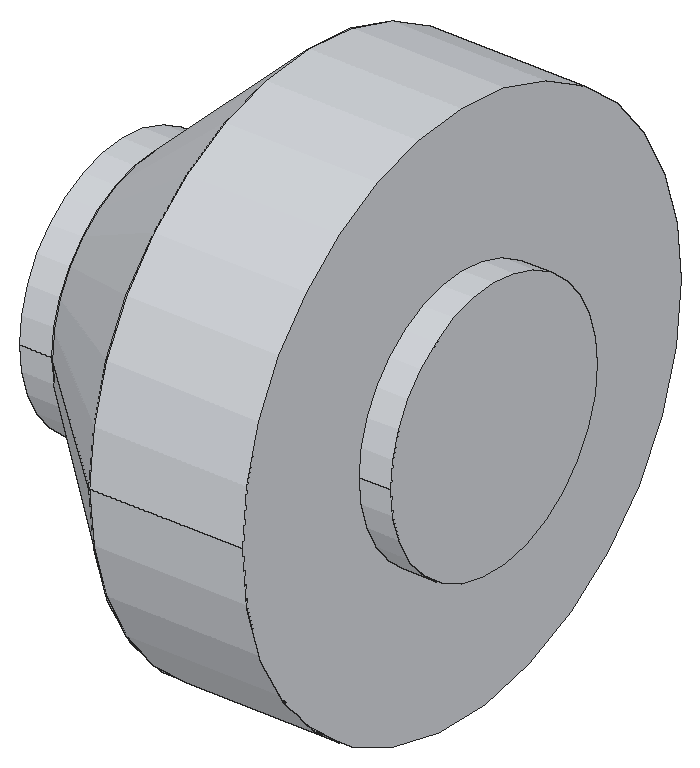
Revit family "Канальный вентилятор DR", category Оборудование, Revit 2022
Family settings
  Размер круглого соединителя = Использовать диаметр
  Тип детали = Нормальный
  Номер OmniClass = 23.75.00.00
  Заголовок OmniClass = Climate Control (HVAC)
  На основе рабочей плоскости = Нет
  Всегда вертикально = Да
  При загрузке вырезать с полостями = Нет
  Сохранять ориентацию аннотаций = Нет
  Общий = Да
  Точка принадлежности помещению = Нет
Parameters (values of type "DR 160/1")
  Отметка по умолчанию = 0 mm
  Изготовитель = "WAER"
  URL = ""
  Cost = 0
  ADSK_Ток = 0.5 A
  ADSK_Система_Имя [instance] = ""
  ADSK_Расход воздуха = 0.0 m³/h
  ADSK_Размер_Длина_В = 230 mm
  ADSK_Размер_Диаметр_С = 340 mm
  ADSK_Размер_Диаметр_А = 160 mm
  ADSK_Потеря давления воздуха = 180.0 Pa
  ADSK_Полная мощность = ADSK_Ток * ADSK_Напряжение * ADSK_Количество фаз ^ 0.5  # 0.5 VA
  ADSK_Номинальная мощность = 0.115 kW
  ADSK_Напряжение = 1 V
  ADSK_Наименование краткое = "DR 160/1"
  ADSK_Наименование [instance] = "Канальный вентилятор DR 160/1"
  ADSK_Масса_Текст = "4"
  ADSK_Масса = 4
  ADSK_Марка = ""
  ADSK_Количество фаз = 1
  ADSK_Количество [instance] = 1  # constant formula
  ADSK_Код изделия = ""
  ADSK_Классификация нагрузок = ОВК
  ADSK_Завод-изготовитель = "WAER"  # constant formula
  ADSK_Единица измерения = "шт."  # constant formula
  ADSK_URL страницы изделия = ""
  ADSK_URL документации изделия = ""
Types (6, lengths in mm): name | ADSK_Ток | ADSK_Размер_Длина_В | ADSK_Размер_Диаметр_С | ADSK_Размер_Диаметр_А | ADSK_Полная мощность | ADSK_Номинальная мощность | ADSK_Наименование краткое | ADSK_Наименование | ADSK_Масса_Текст | ADSK_Масса
  DR 100/1 | 0.3 A | 215 | 251 | 100 | 0.3 VA | 0.07 kW | "DR 100/1" | "Канальный вентилятор DR 100/1" | "" | 0
  DR 125/1 | 0.3 A | 220 | 251 | 125 | 0.3 VA | 0.07 kW | "DR 125/1" | "Канальный вентилятор DR 125/1" | "2.7" | 2.7
  DR 160/1 | 0.5 A | 230 | 340 | 160 | 0.5 VA | 0.115 kW | "DR 160/1" | "Канальный вентилятор DR 160/1" | "4" | 4
  DR 200/1 | 0.7 A | 250 | 340 | 200 | 0.7 VA | 0.15 kW | "DR 200/1" | "Канальный вентилятор DR 200/1" | "4.6" | 4.6
  DR 250/1 | 1 A | 250 | 340 | 250 | 1 VA | 0.22 kW | "DR 250/1" | "Канальный вентилятор DR 250/1" | "5" | 5
  DR 315/1 | 1.2 A | 285 | 405 | 315 | 1.2 VA | 0.27 kW | "DR 315/1" | "Канальный вентилятор DR 315/1" | "6" | 6
Reference planes
  plane 1 "Center (Front/Back)": y = 0
  plane 2: z = 0
  plane 3 "Center (Left/Right)": x = 0
  plane 4: x = 115
  plane 5: x = -115
  plane 6: x = 95
  plane 7: x = -95
Forms (mm)
  Extrusion 1, solid
    sketch origin (0, 0, 0) x (0, 1, 0) y (0, 0, 1)
      loop
        circle (0, 0) r 80
    from 95 to 115
  Extrusion 2, solid
    sketch origin (0, 0, 0) x (0, 1, 0) y (0, 0, 1)
      loop
        circle (0, 0) r 170
    from 0 to 95
  Extrusion 3, solid
    sketch origin (0, 0, 0) x (0, 1, 0) y (0, 0, 1)
      loop
        circle (0, 0) r 80
    from -115 to -95
  Blend 4, solid
    base sketch origin (0, 0, 0) x (0, 1, 0) y (0, 0, 1)
      loop
        circle (0, 0) r 170
    top sketch origin (0, 0, 0) x (0, 1, 0) y (0, 0, 1)
      loop
        circle (0, 0) r 80
    from 0 to -95
Dimensions and locks
  equal spacing: Extrusion 1 sketch curve, plane 2, Extrusion 1 sketch curve
  equal spacing: Extrusion 1 sketch curve, plane 1 "Center (Front/Back)", Extrusion 1 sketch curve
  equal spacing: plane 5, plane 3 "Center (Left/Right)", plane 4
  "ADSK_Размер_Длина_В": plane 5 to plane 4
  locked: plane 5 to plane 7 at 20
  locked: plane 6 to plane 4 at 20
  equal spacing: Extrusion 2 sketch curve, plane 1 "Center (Front/Back)", Extrusion 2 sketch curve
  equal spacing: Extrusion 2 sketch curve, plane 2, Extrusion 2 sketch curve
  equal spacing: Extrusion 3 sketch curve, plane 1 "Center (Front/Back)", Extrusion 3 sketch curve
  equal spacing: Extrusion 3 sketch curve, plane 2, Extrusion 3 sketch curve
  equal spacing: Blend 4 sketch curve, plane 2, Blend 4 sketch curve  (x2)
  equal spacing: Blend 4 sketch curve, plane 1 "Center (Front/Back)", Blend 4 sketch curve  (x2)
  "ADSK_Размер_Диаметр_А": diameter of Extrusion 1 sketch curve
  "ADSK_Размер_Диаметр_С": diameter of Extrusion 2 sketch curve
  "ADSK_Размер_Диаметр_А": diameter of Extrusion 3 sketch curve
  "ADSK_Размер_Диаметр_С": diameter of Blend 4 sketch curve
  "ADSK_Размер_Диаметр_А": diameter of Blend 4 sketch curve
  aligned and locked: level to plane 2
  aligned and locked: plane 4 to Extrusion 1
  aligned and locked: Extrusion 1 to plane 6
  aligned and locked: Extrusion 2 to Extrusion 1
  aligned and locked: Extrusion 2 to plane 3 "Center (Left/Right)"
  aligned and locked: Extrusion 3 to plane 5
  aligned and locked: plane 7 to Extrusion 3
  aligned and locked: Blend 4 to plane 7
  aligned and locked: plane 3 "Center (Left/Right)" to Blend 4
Connectors
  hvac at (-115, 0, 0), driven by "ADSK_Размер_Диаметр_А"
    settings: on Extrusion 3, index 1, duct flow 0.0 m³/h, flow factor 0, pres drop 0.0 Pa, loss coef 0, conn angle 0.00°, conn width 304.8 mm, conn height 304.8 mm, conn diameter 160 mm, duct sys type 29, conn prof type 0, flow config 0, flow direction 2, loss method 0, conn ref index 2, conn util no, is conn primary yes, conn desc ""
  hvac at (115, 0, 0), driven by "ADSK_Размер_Диаметр_А"
    settings: on Extrusion 1, index 2, duct flow 0.0 m³/h, flow factor 0, pres drop 0.0 Pa, loss coef 0, conn angle 0.00°, conn width 304.8 mm, conn height 304.8 mm, conn diameter 160 mm, duct sys type 29, conn prof type 0, flow config 0, flow direction 1, loss method 0, conn ref index 1, conn util no, is conn primary no, conn desc ""
  electrical at (0, 0, 0)
    settings: on Extrusion 2, index 3, voltage 0 V, apparent load 0 VA, apparent load phase1 0 VA, apparent load phase2 0 VA, apparent load phase3 0 VA, power factor 1, load classification "Прочее", number of poles 1, system type 14, power factor state 1, is connector primary yes, connector utility no, sub classification motor no, connector description ""
